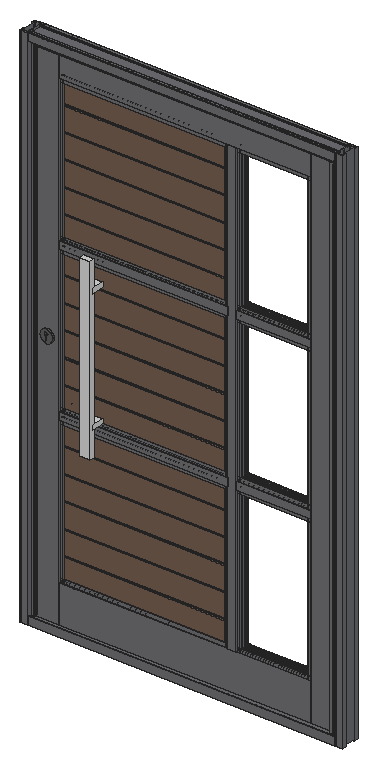
Revit family "Y1321P Y6 CH K RH", category Doors, host Wall, Revit 2024
Family settings
  Host = Wall
  OmniClass Number = 23.30.10.00
  OmniClass Title = Doors
  Always vertical = Yes
  Cut with Voids When Loaded = No
  Shared = No
  Room Calculation Point = No
Parameters
  Function = Interior
  Frame Projection Ext. = 25 mm
  Frame Projection Int. = 25 mm
  Frame Width = 75 mm
  Height = 2120 mm
  Wall Closure = By host
  Width = 1290 mm
  Analytic Construction = "<None>"
Reference planes
  plane 1: y = 0
  plane 2 "Center (Left/Right)": x = 0
  plane 3 "Left": x = -645
  plane 4 "Right": x = 645
  plane 5: z = 2120
  plane 6 "Exterior": y = 75
  plane 7 "Interior": y = -75
Forms (mm)
  Sweep 1, solid, material "ALUMINIUM CHAR (TEST)"
    path origin (0, 75, 0) x (1, 0, 0) y (0, 0, 1)
      loop
        line (-601.2, 30) -> (-601.2, 2075) -> (600, 2075) -> (600, 30)
    profile origin (-0.6, 75, 2075) x (0, 0, 1) y (0, -1, 0)
      loop
        line (15, 55) -> (2.8, 55) -> (2.8, 61.5) -> (0.5, 61.5) -> (0.5, 88.5) -> (2.8, 88.5) -> (2.8, 95) -> (15, 95) -> (15, 97) -> (-0.5, 97)
        arc (-0.5, 97) -> (-1.207, 96.707) -> (-1.5, 96) r 1
        line (-1.5, 96) -> (-1.5, 93.9) -> (-0.5, 93.9) -> (-0.5, 95) -> (1, 95) -> (1, 90.5) -> (-0.5, 90.5) -> (-0.5, 91.631) -> (-1.5, 91.631) -> (-1.5, 58.369) -> (-0.5, 58.369) -> (-0.5, 59.5) -> (1, 59.5) -> (1, 55) -> (-0.5, 55) -> (-0.5, 56.1) -> (-1.5, 56.1) -> (-1.5, 54)
        arc (-1.5, 54) -> (-1.207, 53.293) -> (-0.5, 53) r 1
        line (-0.5, 53) -> (15, 53) -> (15, 55)
  Extrusion 2, solid, material "ALUMINIUM CHAR (TEST)"
    sketch origin (0, 0, 0) x (0, 1, 0) y (0, 0, 1)
      loop
        line (37.5, 2120) -> (22, 2120) -> (22, 2118.5) -> (24.5, 2118.5) -> (24.5, 2115.5) -> (-24.5, 2115.5) -> (-24.5, 2118.5) -> (-22, 2118.5) -> (-22, 2120) -> (-37.5, 2120) -> (-37.5, 2090) -> (-4.189, 2090) -> (7.651, 2090) -> (37.5, 2090) -> (37.5, 2120)
      loop
        line (32.168, 2118.2) -> (30.896, 2116.928) -> (29.5, 2118.324) -> (28, 2116.824) -> (26.3, 2118.524) -> (26.3, 2115.8)
        arc (26.3, 2115.8) -> (25.685, 2114.315) -> (24.2, 2113.7) r 2.1
        line (24.2, 2113.7) -> (-24.2, 2113.7)
        arc (-24.2, 2113.7) -> (-25.685, 2114.315) -> (-26.3, 2115.8) r 2.1
        line (-26.3, 2115.8) -> (-26.3, 2118.524) -> (-28, 2116.824) -> (-29.5, 2118.324) -> (-30.896, 2116.928) -> (-32.168, 2118.2) -> (-35.6, 2118.2) -> (-35.6, 2091.8) -> (-32.168, 2091.8) -> (-30.896, 2093.072) -> (-29.5, 2091.676) -> (-28, 2093.176) -> (-26.624, 2091.8) -> (-19.438, 2091.8) -> (26.624, 2091.8) -> (28, 2093.176) -> (29.5, 2091.676) -> (30.896, 2093.072) -> (32.168, 2091.8) -> (35.6, 2091.8) -> (35.6, 2118.2) -> (32.168, 2118.2)
      loop
        line (37.5, 0) -> (37.5, 30) -> (7.651, 30) -> (-4.189, 30) -> (-37.5, 30) -> (-37.5, 0) -> (-22, 0) -> (-22, 1.5) -> (-24.5, 1.5) -> (-24.5, 4.5) -> (24.5, 4.5) -> (24.5, 1.5) -> (22, 1.5) -> (22, 0) -> (37.5, 0)
      loop
        line (32.168, 1.8) -> (35.6, 1.8) -> (35.6, 28.2) -> (32.168, 28.2) -> (30.896, 26.928) -> (29.5, 28.324) -> (28, 26.824) -> (26.624, 28.2) -> (-19.438, 28.2) -> (-26.624, 28.2) -> (-28, 26.824) -> (-29.5, 28.324) -> (-30.896, 26.928) -> (-32.168, 28.2) -> (-35.6, 28.2) -> (-35.6, 1.8) -> (-32.168, 1.8) -> (-30.896, 3.072) -> (-29.5, 1.676) -> (-28, 3.176) -> (-26.3, 1.476) -> (-26.3, 4.2)
        arc (-26.3, 4.2) -> (-25.685, 5.685) -> (-24.2, 6.3) r 2.1
        line (-24.2, 6.3) -> (24.2, 6.3)
        arc (24.2, 6.3) -> (25.685, 5.685) -> (26.3, 4.2) r 2.1
        line (26.3, 4.2) -> (26.3, 1.476) -> (28, 3.176) -> (29.5, 1.676) -> (30.896, 3.072) -> (32.168, 1.8)
    from -615 to 615
  Extrusion 3, solid, material "ALUMINIUM CHAR (TEST)"
    sketch origin (0, 0, 30) x (1, 0, 0) y (0, 1, 0)
      loop
        arc (598.5, 21) -> (597.5, 22) -> (596.5, 21) r 1
        line (596.5, 21) -> (596.5, -21.179)
        arc (596.5, -21.179) -> (596.26, -21.76) -> (595.679, -22) r 0.821
        line (595.679, -22) -> (584.5, -22)
        arc (584.5, -22) -> (583.5, -23) -> (584.5, -24) r 1
        line (584.5, -24) -> (597.679, -24)
        arc (597.679, -24) -> (598.26, -23.76) -> (598.5, -23.179) r 0.821
        line (598.5, -23.179) -> (598.5, 21)
      loop
        arc (-599.7, -21) -> (-598.7, -22) -> (-597.7, -21) r 1
        line (-597.7, -21) -> (-597.7, 21.179)
        arc (-597.7, 21.179) -> (-597.459, 21.76) -> (-596.879, 22) r 0.821
        line (-596.879, 22) -> (-585.7, 22)
        arc (-585.7, 22) -> (-584.7, 23) -> (-585.7, 24) r 1
        line (-585.7, 24) -> (-598.879, 24)
        arc (-598.879, 24) -> (-599.459, 23.76) -> (-599.7, 23.179) r 0.821
        line (-599.7, 23.179) -> (-599.7, -21)
    from 0 to 2043.5
  Extrusion 4, solid, material "ALUMINIUM CHAR (TEST)"
    sketch origin (0, 0, 0) x (1, 0, 0) y (0, 1, 0)
      loop
        line (-645, 37.5) -> (-645, 22) -> (-643.5, 22) -> (-643.5, 24.5) -> (-640.5, 24.5) -> (-640.5, -24.5) -> (-643.5, -24.5) -> (-643.5, -22) -> (-645, -22) -> (-645, -37.5) -> (-615, -37.5) -> (-615, -17) -> (-615.993, -17) -> (-616.394, -18.496) -> (-617.6, -18.496) -> (-617.6, -0.254) -> (-616.306, -0.254) -> (-616.066, -3) -> (-615, -3) -> (-615, 37.5) -> (-645, 37.5)
      loop
        line (-616.8, 26.624) -> (-618.176, 28) -> (-616.676, 29.5) -> (-618.072, 30.896) -> (-616.8, 32.168) -> (-616.8, 35.6) -> (-643.2, 35.6) -> (-643.2, 32.168) -> (-641.928, 30.896) -> (-643.324, 29.5) -> (-641.824, 28) -> (-643.524, 26.3) -> (-640.8, 26.3)
        arc (-640.8, 26.3) -> (-639.315, 25.685) -> (-638.7, 24.2) r 2.1
        line (-638.7, 24.2) -> (-638.7, -24.2)
        arc (-638.7, -24.2) -> (-639.315, -25.685) -> (-640.8, -26.3) r 2.1
        line (-640.8, -26.3) -> (-643.524, -26.3) -> (-641.824, -28) -> (-643.324, -29.5) -> (-641.928, -30.896) -> (-643.2, -32.168) -> (-643.2, -35.6) -> (-616.8, -35.6) -> (-616.8, -32.168) -> (-618.072, -30.896) -> (-616.676, -29.5) -> (-618.176, -28) -> (-616.8, -26.624) -> (-616.8, -20.239)
        arc (-616.8, -20.239) -> (-618.596, -19.852) -> (-619.4, -18.2) r 2.1
        line (-619.4, -18.2) -> (-619.4, -0.55)
        arc (-619.4, -0.55) -> (-618.596, 1.102) -> (-616.8, 1.49) r 2.1
        line (-616.8, 1.49) -> (-616.8, 26.624)
      loop
        line (645, 37.5) -> (615, 37.5) -> (615, -3) -> (616.066, -3) -> (616.306, -0.254) -> (617.6, -0.254) -> (617.6, -18.496) -> (616.394, -18.496) -> (615.993, -17) -> (615, -17) -> (615, -37.5) -> (645, -37.5) -> (645, -22) -> (643.5, -22) -> (643.5, -24.5) -> (640.5, -24.5) -> (640.5, 24.5) -> (643.5, 24.5) -> (643.5, 22) -> (645, 22) -> (645, 37.5)
      loop
        line (616.8, 26.624) -> (616.8, 1.49)
        arc (616.8, 1.49) -> (618.596, 1.102) -> (619.4, -0.55) r 2.1
        line (619.4, -0.55) -> (619.4, -18.2)
        arc (619.4, -18.2) -> (618.596, -19.852) -> (616.8, -20.239) r 2.1
        line (616.8, -20.239) -> (616.8, -26.624) -> (618.176, -28) -> (616.676, -29.5) -> (618.072, -30.896) -> (616.8, -32.168) -> (616.8, -35.6) -> (643.2, -35.6) -> (643.2, -32.168) -> (641.928, -30.896) -> (643.324, -29.5) -> (641.824, -28) -> (643.524, -26.3) -> (640.8, -26.3)
        arc (640.8, -26.3) -> (639.315, -25.685) -> (638.7, -24.2) r 2.1
        line (638.7, -24.2) -> (638.7, 24.2)
        arc (638.7, 24.2) -> (639.315, 25.685) -> (640.8, 26.3) r 2.1
        line (640.8, 26.3) -> (643.524, 26.3) -> (641.824, 28) -> (643.324, 29.5) -> (641.928, 30.896) -> (643.2, 32.168) -> (643.2, 35.6) -> (616.8, 35.6) -> (616.8, 32.168) -> (618.072, 30.896) -> (616.676, 29.5) -> (618.176, 28) -> (616.8, 26.624)
    from 0 to 2120
  Extrusion 5, solid, material "ALUMINIUM CHAR (TEST)"
    sketch origin (0, 0, -6.5) x (-1, 0, 0) y (0, -1, 0)
      loop
        line (503.5, -22) -> (591.7, -22)
        arc (591.7, -22) -> (592.973, -21.473) -> (593.5, -20.2) r 1.8
        line (593.5, -20.2) -> (593.5, -19.4)
        arc (593.5, -19.4) -> (593, -18.9) -> (592.5, -19.4) r 0.5
        line (592.5, -19.4) -> (592.5, -20.4) -> (591, -20.4) -> (591, -12.8) -> (592.5, -12.8) -> (592.5, -13.8)
        arc (592.5, -13.8) -> (593, -14.3) -> (593.5, -13.8) r 0.5
        line (593.5, -13.8) -> (593.5, 13.8)
        arc (593.5, 13.8) -> (593, 14.3) -> (592.5, 13.8) r 0.5
        line (592.5, 13.8) -> (592.5, 12.8) -> (591, 12.8) -> (591, 20.4) -> (592.5, 20.4) -> (592.5, 19.4)
        arc (592.5, 19.4) -> (593, 18.9) -> (593.5, 19.4) r 0.5
        line (593.5, 19.4) -> (593.5, 20.2)
        arc (593.5, 20.2) -> (592.973, 21.473) -> (591.7, 22) r 1.8
        line (591.7, 22) -> (503.5, 22) -> (503.5, 17) -> (488.5, 17) -> (488.5, 14) -> (489.7, 14) -> (489.7, 15.6) -> (492.2, 15.6) -> (492.893, 15.2) -> (503.5, 15.2) -> (503.5, 2) -> (504.475, 2) -> (504.737, 5) -> (506.1, 5) -> (506.1, -6.618) -> (506.1, -13.5) -> (504.606, -13.5) -> (504.475, -12) -> (503.5, -12) -> (503.5, -22)
      loop
        line (589.2, -20.2) -> (589.2, -12.2)
        arc (589.2, -12.2) -> (589.493, -11.493) -> (590.2, -11.2) r 1
        line (590.2, -11.2) -> (591.5, -11.2) -> (591.5, 11.2) -> (590.2, 11.2)
        arc (590.2, 11.2) -> (589.493, 11.493) -> (589.2, 12.2) r 1
        line (589.2, 12.2) -> (589.2, 20.2) -> (505.3, 20.2) -> (505.3, 17.092) -> (505.3, 6.8) -> (506.5, 6.8)
        arc (506.5, 6.8) -> (507.49, 6.39) -> (507.9, 5.4) r 1.4
        line (507.9, 5.4) -> (507.9, -13.9)
        arc (507.9, -13.9) -> (507.49, -14.89) -> (506.5, -15.3) r 1.4
        line (506.5, -15.3) -> (505.3, -15.3) -> (505.3, -20.2) -> (589.2, -20.2)
      loop
        line (-503.5, -22) -> (-503.5, -12) -> (-504.475, -12) -> (-504.606, -13.5) -> (-506.1, -13.5) -> (-506.1, -7.077) -> (-506.1, 5) -> (-504.737, 5) -> (-504.475, 2) -> (-503.5, 2) -> (-503.5, 15.2) -> (-492.893, 15.2) -> (-492.2, 15.6) -> (-489.7, 15.6) -> (-489.7, 14) -> (-488.5, 14) -> (-488.5, 17) -> (-503.5, 17) -> (-503.5, 22) -> (-591.7, 22)
        arc (-591.7, 22) -> (-592.973, 21.473) -> (-593.5, 20.2) r 1.8
        line (-593.5, 20.2) -> (-593.5, 19.4)
        arc (-593.5, 19.4) -> (-593, 18.9) -> (-592.5, 19.4) r 0.5
        line (-592.5, 19.4) -> (-592.5, 20.4) -> (-591, 20.4) -> (-591, 12.8) -> (-592.5, 12.8) -> (-592.5, 13.8)
        arc (-592.5, 13.8) -> (-593, 14.3) -> (-593.5, 13.8) r 0.5
        line (-593.5, 13.8) -> (-593.5, -13.8)
        arc (-593.5, -13.8) -> (-593, -14.3) -> (-592.5, -13.8) r 0.5
        line (-592.5, -13.8) -> (-592.5, -12.8) -> (-591, -12.8) -> (-591, -20.4) -> (-592.5, -20.4) -> (-592.5, -19.4)
        arc (-592.5, -19.4) -> (-593, -18.9) -> (-593.5, -19.4) r 0.5
        line (-593.5, -19.4) -> (-593.5, -20.2)
        arc (-593.5, -20.2) -> (-592.973, -21.473) -> (-591.7, -22) r 1.8
        line (-591.7, -22) -> (-503.5, -22)
      loop
        line (-589.2, -20.2) -> (-505.3, -20.2) -> (-505.3, -15.3) -> (-506.5, -15.3)
        arc (-506.5, -15.3) -> (-507.49, -14.89) -> (-507.9, -13.9) r 1.4
        line (-507.9, -13.9) -> (-507.9, 5.4)
        arc (-507.9, 5.4) -> (-507.49, 6.39) -> (-506.5, 6.8) r 1.4
        line (-506.5, 6.8) -> (-505.3, 6.8) -> (-505.3, 17.092) -> (-505.3, 20.2) -> (-589.2, 20.2) -> (-589.2, 12.2)
        arc (-589.2, 12.2) -> (-589.493, 11.493) -> (-590.2, 11.2) r 1
        line (-590.2, 11.2) -> (-591.5, 11.2) -> (-591.5, -11.2) -> (-590.2, -11.2)
        arc (-590.2, -11.2) -> (-589.493, -11.493) -> (-589.2, -12.2) r 1
        line (-589.2, -12.2) -> (-589.2, -20.2)
    from 40 to 2080
  Sweep 6, solid, material "ALUMINIUM CHAR (TEST)"
    path origin (0, 75, -6.5) x (-1, 0, 0) y (0, 0, -1)
      loop
        line (503.5, -1996.1) -> (503.5, -1413.6) -> (-173.5, -1413.6) -> (-173.5, -1996.1) -> (503.5, -1996.1)
    profile origin (-165, 75, 1989.6) x (0, 0, 1) y (0, -1, 0)
      loop
        line (0, 53.6) -> (0, 63) -> (1.1, 63)
        arc (1.1, 63) -> (1.85, 62.492) -> (2.6, 63) r 0.808
        line (2.6, 63) -> (2.6, 79)
        arc (2.6, 79) -> (2.1, 79.5) -> (1.6, 79) r 0.5
        line (1.6, 79) -> (1.6, 75.5) -> (0.6, 75.5) -> (0.6, 65) -> (-1.9, 65) -> (-1.9, 55) -> (-6.3, 55) -> (-6.9, 58) -> (-8.9, 58) -> (-8.9, 57) -> (-7.9, 57) -> (-7.5, 55) -> (-11.8, 55) -> (-11.4, 57) -> (-10.4, 57) -> (-10.4, 58) -> (-12.4, 58) -> (-13, 55) -> (-14.4, 55) -> (-14.4, 57.5)
        arc (-14.4, 57.5) -> (-14.9, 58) -> (-15.4, 57.5) r 0.5
        line (-15.4, 57.5) -> (-15.4, 53.6)
        arc (-15.4, 53.6) -> (-15.224, 53.176) -> (-14.8, 53) r 0.6
        line (-14.8, 53) -> (-0.6, 53)
        arc (-0.6, 53) -> (-0.176, 53.176) -> (0, 53.6) r 0.6
  Extrusion 7, solid, material "ALUMINIUM BLACK (TEST)"
    sketch origin (350.722, 27.873, -83.123) x (1, 0, 0) y (0, 0, 1)
      loop
        circle (-896.954, 1135.623) r 25
    from 0 to 5
  Extrusion 8, solid, material "ALUMINIUM BLACK (TEST)"
    sketch origin (350.722, -27.873, -83.123) x (1, 0, 0) y (0, 0, -1)
      loop
        circle (-896.954, -1135.623) r 25
    from 0 to 5
  Extrusion 9, void
    sketch origin (85.5, 67.873, -83.123) x (1, 0, 0) y (0, 0, 1)
      loop
        arc (-634.732, 1122.18) -> (-631.732, 1119.18) -> (-628.732, 1122.18) r 3
        line (-628.732, 1122.18) -> (-628.732, 1136.773)
        arc (-628.732, 1136.773) -> (-631.732, 1150.865) -> (-634.732, 1136.773) r 7.365
        line (-634.732, 1136.773) -> (-634.732, 1122.18)
    from 40 to 45
  Extrusion 10, void
    sketch origin (85.5, -67.873, -83.123) x (1, 0, 0) y (0, 0, -1)
      loop
        line (-634.732, -1122.18) -> (-634.732, -1136.773)
        arc (-634.732, -1136.773) -> (-631.732, -1150.865) -> (-628.732, -1136.773) r 7.365
        line (-628.732, -1136.773) -> (-628.732, -1122.18)
        arc (-628.732, -1122.18) -> (-631.732, -1119.18) -> (-634.732, -1122.18) r 3
    from 40 to 45
  Extrusion 11, solid, material "COOL BRONZE GLASS"
    sketch origin (0, 9.8, -6.5) x (-1, 0, 0) y (0, 0, -1)
      loop
        line (-203.5, -1995) -> (-203.5, -1413.6) -> (-503.5, -1413.6) -> (-503.5, -1995) -> (-203.5, -1995)
    from 0 to 6.4
  Extrusion 12, solid, material "ALUMINIUM CHAR (TEST)"
    sketch origin (0, 0, -6.5) x (0, 1, 0) y (0, 0, -1)
      loop
        line (20.25, -77.453) -> (19.7, -76.5) -> (19.7, -73.5) -> (20.25, -72.547) -> (20.25, -61.8) -> (-20.25, -61.8) -> (-20.25, -72.547) -> (-19.7, -73.5) -> (-19.7, -76.5) -> (-20.25, -77.453) -> (-20.25, -172.747) -> (-19.7, -173.7) -> (-19.7, -176.7) -> (-20.25, -177.653) -> (-20.25, -188.2) -> (-6.55, -188.2) -> (-6.55, -185.6) -> (15.3, -185.6) -> (15.3, -188.2) -> (20.25, -188.2) -> (20.25, -177.653) -> (19.7, -176.7) -> (19.7, -173.7) -> (20.25, -172.747) -> (20.25, -77.453)
      loop
        line (19.7, -60) -> (-19.7, -60) -> (-19.7, -57) -> (-20.25, -56.047) -> (-20.25, -43.6) -> (-17.1, -43.6) -> (-17.1, -42) -> (-20.2, -42) -> (-20.2, -40) -> (-22, -40) -> (-22, -190) -> (-17, -190) -> (-17, -205) -> (-14, -205) -> (-14, -203.8) -> (-15.6, -203.8) -> (-15.6, -201.3) -> (-15.2, -200.607) -> (-15.2, -190) -> (-2, -190) -> (-2, -188.934) -> (-4.75, -188.693) -> (-4.75, -187.4) -> (13.5, -187.4) -> (13.5, -188.605) -> (12, -189.007) -> (12, -190) -> (22, -190) -> (22, -40) -> (20.2, -40) -> (20.2, -42) -> (17.1, -42) -> (17.1, -43.6) -> (20.25, -43.6) -> (20.25, -56.047) -> (19.7, -57) -> (19.7, -60)
      loop
        line (-22, -2080) -> (-20.2, -2080) -> (-20.2, -2078) -> (-17.1, -2078) -> (-17.1, -2076.4) -> (-20.25, -2076.4) -> (-20.25, -2063.953) -> (-19.7, -2063) -> (-19.7, -2060) -> (19.7, -2060) -> (19.7, -2063) -> (20.25, -2063.953) -> (20.25, -2076.4) -> (17.1, -2076.4) -> (17.1, -2078) -> (20.2, -2078) -> (20.2, -2080) -> (22, -2080) -> (22, -1995) -> (12, -1995) -> (12, -1995.993) -> (13.5, -1996.395) -> (13.5, -1997.6) -> (-4.75, -1997.6) -> (-4.75, -1996.307) -> (-2, -1996.066) -> (-2, -1995) -> (-15.2, -1995) -> (-15.2, -1984.393) -> (-15.6, -1983.7) -> (-15.6, -1981.2) -> (-14, -1981.2) -> (-14, -1980) -> (-17, -1980) -> (-17, -1995) -> (-22, -1995) -> (-22, -2080)
      loop
        line (-20.25, -2042.547) -> (-19.7, -2043.5) -> (-19.7, -2046.5) -> (-20.25, -2047.453) -> (-20.25, -2058.2) -> (20.25, -2058.2) -> (20.25, -2047.453) -> (19.7, -2046.5) -> (19.7, -2043.5) -> (20.25, -2042.547) -> (20.25, -2012.253) -> (19.7, -2011.3) -> (19.7, -2008.3) -> (20.25, -2007.347) -> (20.25, -1996.8) -> (15.3, -1996.8) -> (15.3, -1999.4) -> (-6.55, -1999.4) -> (-6.55, -1996.8) -> (-20.25, -1996.8) -> (-20.25, -2007.347) -> (-19.7, -2008.3) -> (-19.7, -2011.3) -> (-20.25, -2012.253) -> (-20.25, -2042.547)
    from -503.5 to 503.5
  Extrusion 13, solid, material "Stainless Steel Lever Handle"
    sketch origin (503.242, -71.398, 705) x (1, 0, 0) y (0, 1, 0)
      loop
        line (-878.538, 126.398) -> (-838.538, 126.398) -> (-838.538, 146.398) -> (-878.538, 146.398) -> (-878.538, 126.398)
    from 0 to 710
  Extrusion 14, solid, material "Stainless Steel Lever Handle"
    sketch origin (503.242, 60, -375) x (1, 0, 0) y (0, 0, 1)
      loop
        line (-878.538, 1690) -> (-878.538, 1670) -> (-838.538, 1670) -> (-838.538, 1690) -> (-878.538, 1690)
      loop
        line (-878.538, 1180) -> (-838.538, 1180) -> (-838.538, 1200) -> (-878.538, 1200) -> (-878.538, 1180)
    from 0 to 50
  Extrusion 15, solid, material "Stainless Steel Lever Handle"
    sketch origin (503.242, 69.398, 705) x (1, 0, 0) y (0, 1, 0)
      loop
        line (-878.538, -126.398) -> (-878.538, -146.398) -> (-838.538, -146.398) -> (-838.538, -126.398) -> (-878.538, -126.398)
    from 0 to 710
  Extrusion 16, solid, material "Stainless Steel Lever Handle"
    sketch origin (503.242, -62, -375) x (1, 0, 0) y (0, 0, -1)
      loop
        line (-878.538, -1690) -> (-838.538, -1690) -> (-838.538, -1670) -> (-878.538, -1670) -> (-878.538, -1690)
      loop
        line (-878.538, -1180) -> (-878.538, -1200) -> (-838.538, -1200) -> (-838.538, -1180) -> (-878.538, -1180)
    from 0 to 50
  Extrusion 17, solid, material "ALUMINIUM CHAR (TEST)"
    sketch origin (-3062.501, 0, -4084.533) x (0, -1, 0) y (0, 0, 1)
      loop
        line (22, 5461.633) -> (22, 5491.633) -> (17, 5491.633) -> (17, 5506.633) -> (14, 5506.633) -> (14, 5505.433) -> (15.6, 5505.433) -> (15.6, 5502.933) -> (15.2, 5502.241) -> (15.2, 5491.633) -> (2, 5491.633) -> (2, 5490.658) -> (5, 5490.396) -> (5, 5489.033) -> (-13.5, 5489.033) -> (-13.5, 5490.527) -> (-12, 5490.658) -> (-12, 5491.633) -> (-22, 5491.633) -> (-22, 5461.633) -> (-12, 5461.633) -> (-12, 5462.608) -> (-13.5, 5462.739) -> (-13.5, 5464.233) -> (5, 5464.233) -> (5, 5462.871) -> (2, 5462.608) -> (2, 5461.633) -> (15.2, 5461.633) -> (15.2, 5450.733) -> (15.6, 5450.041) -> (15.6, 5447.833) -> (14, 5447.833) -> (14, 5446.633) -> (17, 5446.633) -> (17, 5461.633) -> (22, 5461.633)
      loop
        line (20.2, 5489.833) -> (6.8, 5489.833) -> (6.8, 5488.633)
        arc (6.8, 5488.633) -> (6.39, 5487.643) -> (5.4, 5487.233) r 1.4
        line (5.4, 5487.233) -> (-13.9, 5487.233)
        arc (-13.9, 5487.233) -> (-14.89, 5487.643) -> (-15.3, 5488.633) r 1.4
        line (-15.3, 5488.633) -> (-15.3, 5489.833) -> (-20.2, 5489.833) -> (-20.2, 5463.433) -> (-15.3, 5463.433) -> (-15.3, 5464.633)
        arc (-15.3, 5464.633) -> (-14.89, 5465.623) -> (-13.9, 5466.033) r 1.4
        line (-13.9, 5466.033) -> (5.4, 5466.033)
        arc (5.4, 5466.033) -> (6.39, 5465.623) -> (6.8, 5464.633) r 1.4
        line (6.8, 5464.633) -> (6.8, 5463.433) -> (16.581, 5463.433) -> (20.2, 5463.433) -> (20.2, 5489.833)
      loop
        line (22, 4849.433) -> (22, 4879.433) -> (17, 4879.433) -> (17, 4894.433) -> (14, 4894.433) -> (14, 4893.233) -> (15.6, 4893.233) -> (15.6, 4890.733) -> (15.2, 4890.041) -> (15.2, 4879.433) -> (2, 4879.433) -> (2, 4878.458) -> (5, 4878.196) -> (5, 4876.833) -> (-13.5, 4876.833) -> (-13.5, 4878.327) -> (-12, 4878.458) -> (-12, 4879.433) -> (-22, 4879.433) -> (-22, 4849.433) -> (-12, 4849.433) -> (-12, 4850.408) -> (-13.5, 4850.539) -> (-13.5, 4852.033) -> (5, 4852.033) -> (5, 4850.671) -> (2, 4850.408) -> (2, 4849.433) -> (15.2, 4849.433) -> (15.2, 4838.533) -> (15.6, 4837.841) -> (15.6, 4835.633) -> (14, 4835.633) -> (14, 4834.433) -> (17, 4834.433) -> (17, 4849.433) -> (22, 4849.433)
      loop
        line (20.2, 4877.633) -> (6.8, 4877.633) -> (6.8, 4876.433)
        arc (6.8, 4876.433) -> (6.39, 4875.443) -> (5.4, 4875.033) r 1.4
        line (5.4, 4875.033) -> (-13.9, 4875.033)
        arc (-13.9, 4875.033) -> (-14.89, 4875.443) -> (-15.3, 4876.433) r 1.4
        line (-15.3, 4876.433) -> (-15.3, 4877.633) -> (-20.2, 4877.633) -> (-20.2, 4851.233) -> (-15.3, 4851.233) -> (-15.3, 4852.433)
        arc (-15.3, 4852.433) -> (-14.89, 4853.423) -> (-13.9, 4853.833) r 1.4
        line (-13.9, 4853.833) -> (5.4, 4853.833)
        arc (5.4, 4853.833) -> (6.39, 4853.423) -> (6.8, 4852.433) r 1.4
        line (6.8, 4852.433) -> (6.8, 4851.233) -> (16.581, 4851.233) -> (20.2, 4851.233) -> (20.2, 4877.633)
    from -3566.001 to -3266.001
  Extrusion 18, solid, material "ALUMINIUM CHAR (TEST)"
    sketch origin (-3392.509, 0, -4084.533) x (0, -1, 0) y (0, 0, 1)
      loop
        line (22, 5461.633) -> (22, 5491.633) -> (17, 5491.633) -> (17, 5506.633) -> (14, 5506.633) -> (14, 5505.433) -> (15.6, 5505.433) -> (15.6, 5502.933) -> (15.2, 5502.241) -> (15.2, 5491.633) -> (2, 5491.633) -> (2, 5490.658) -> (5, 5490.396) -> (5, 5489.033) -> (-13.5, 5489.033) -> (-13.5, 5490.527) -> (-12, 5490.658) -> (-12, 5491.633) -> (-22, 5491.633) -> (-22, 5461.633) -> (-12, 5461.633) -> (-12, 5462.608) -> (-13.5, 5462.739) -> (-13.5, 5464.233) -> (5, 5464.233) -> (5, 5462.871) -> (2, 5462.608) -> (2, 5461.633) -> (15.2, 5461.633) -> (15.2, 5450.733) -> (15.6, 5450.041) -> (15.6, 5447.833) -> (14, 5447.833) -> (14, 5446.633) -> (17, 5446.633) -> (17, 5461.633) -> (22, 5461.633)
      loop
        line (20.2, 5489.833) -> (6.8, 5489.833) -> (6.8, 5488.633)
        arc (6.8, 5488.633) -> (6.39, 5487.643) -> (5.4, 5487.233) r 1.4
        line (5.4, 5487.233) -> (-13.9, 5487.233)
        arc (-13.9, 5487.233) -> (-14.89, 5487.643) -> (-15.3, 5488.633) r 1.4
        line (-15.3, 5488.633) -> (-15.3, 5489.833) -> (-20.2, 5489.833) -> (-20.2, 5463.433) -> (-15.3, 5463.433) -> (-15.3, 5464.633)
        arc (-15.3, 5464.633) -> (-14.89, 5465.623) -> (-13.9, 5466.033) r 1.4
        line (-13.9, 5466.033) -> (5.4, 5466.033)
        arc (5.4, 5466.033) -> (6.39, 5465.623) -> (6.8, 5464.633) r 1.4
        line (6.8, 5464.633) -> (6.8, 5463.433) -> (16.581, 5463.433) -> (20.2, 5463.433) -> (20.2, 5489.833)
      loop
        line (22, 4849.433) -> (22, 4879.433) -> (17, 4879.433) -> (17, 4894.433) -> (14, 4894.433) -> (14, 4893.233) -> (15.6, 4893.233) -> (15.6, 4890.733) -> (15.2, 4890.041) -> (15.2, 4879.433) -> (2, 4879.433) -> (2, 4878.458) -> (5, 4878.196) -> (5, 4876.833) -> (-13.5, 4876.833) -> (-13.5, 4878.327) -> (-12, 4878.458) -> (-12, 4879.433) -> (-22, 4879.433) -> (-22, 4849.433) -> (-12, 4849.433) -> (-12, 4850.408) -> (-13.5, 4850.539) -> (-13.5, 4852.033) -> (5, 4852.033) -> (5, 4850.671) -> (2, 4850.408) -> (2, 4849.433) -> (15.2, 4849.433) -> (15.2, 4838.533) -> (15.6, 4837.841) -> (15.6, 4835.633) -> (14, 4835.633) -> (14, 4834.433) -> (17, 4834.433) -> (17, 4849.433) -> (22, 4849.433)
      loop
        line (20.2, 4877.633) -> (6.8, 4877.633) -> (6.8, 4876.433)
        arc (6.8, 4876.433) -> (6.39, 4875.443) -> (5.4, 4875.033) r 1.4
        line (5.4, 4875.033) -> (-13.9, 4875.033)
        arc (-13.9, 4875.033) -> (-14.89, 4875.443) -> (-15.3, 4876.433) r 1.4
        line (-15.3, 4876.433) -> (-15.3, 4877.633) -> (-20.2, 4877.633) -> (-20.2, 4851.233) -> (-15.3, 4851.233) -> (-15.3, 4852.433)
        arc (-15.3, 4852.433) -> (-14.89, 4853.423) -> (-13.9, 4853.833) r 1.4
        line (-13.9, 4853.833) -> (5.4, 4853.833)
        arc (5.4, 4853.833) -> (6.39, 4853.423) -> (6.8, 4852.433) r 1.4
        line (6.8, 4852.433) -> (6.8, 4851.233) -> (16.581, 4851.233) -> (20.2, 4851.233) -> (20.2, 4877.633)
    from -3566.001 to -2889.009
  Extrusion 19, solid, material "ALUMINIUM CHAR (TEST)"
    sketch origin (-4903.533, 0, 3177.001) x (0, -1, 0) y (1, 0, 0)
      loop
        line (22, 5077.033) -> (22, 5107.033) -> (17, 5107.033) -> (17, 5122.033) -> (14, 5122.033) -> (14, 5120.833) -> (15.6, 5120.833) -> (15.6, 5118.333) -> (15.2, 5117.641) -> (15.2, 5107.033) -> (2, 5107.033) -> (2, 5106.058) -> (5, 5105.796) -> (5, 5104.433) -> (-13.5, 5104.433) -> (-13.5, 5105.927) -> (-12, 5106.058) -> (-12, 5107.033) -> (-22, 5107.033) -> (-22, 5077.033) -> (-12, 5077.033) -> (-12, 5078.008) -> (-13.5, 5078.139) -> (-13.5, 5079.633) -> (5, 5079.633) -> (5, 5078.271) -> (2, 5078.008) -> (2, 5077.033) -> (15.2, 5077.033) -> (15.2, 5066.133) -> (15.6, 5065.441) -> (15.6, 5063.233) -> (14, 5063.233) -> (14, 5062.033) -> (17, 5062.033) -> (17, 5077.033) -> (22, 5077.033)
      loop
        line (20.2, 5105.233) -> (6.8, 5105.233) -> (6.8, 5104.033)
        arc (6.8, 5104.033) -> (6.39, 5103.043) -> (5.4, 5102.633) r 1.4
        line (5.4, 5102.633) -> (-13.9, 5102.633)
        arc (-13.9, 5102.633) -> (-14.89, 5103.043) -> (-15.3, 5104.033) r 1.4
        line (-15.3, 5104.033) -> (-15.3, 5105.233) -> (-20.2, 5105.233) -> (-20.2, 5078.833) -> (-15.3, 5078.833) -> (-15.3, 5080.033)
        arc (-15.3, 5080.033) -> (-14.89, 5081.023) -> (-13.9, 5081.433) r 1.4
        line (-13.9, 5081.433) -> (5.4, 5081.433)
        arc (5.4, 5081.433) -> (6.39, 5081.023) -> (6.8, 5080.033) r 1.4
        line (6.8, 5080.033) -> (6.8, 5078.833) -> (16.581, 5078.833) -> (20.2, 5078.833) -> (20.2, 5105.233)
    from -2993.501 to -1188.501
  Extrusion 20, solid, material "COOL BRONZE GLASS"
    sketch origin (0, 9.8, -617.9) x (-1, 0, 0) y (0, 0, -1)
      loop
        line (-203.5, -1995) -> (-203.5, -1413.6) -> (-503.5, -1413.6) -> (-503.5, -1995) -> (-203.5, -1995)
    from 0 to 6.4
  Extrusion 21, solid, material "COOL BRONZE GLASS"
    sketch origin (0, 9.8, -1230.1) x (-1, 0, 0) y (0, 0, -1)
      loop
        line (-203.5, -1995) -> (-203.5, -1413.6) -> (-503.5, -1413.6) -> (-503.5, -1995) -> (-203.5, -1995)
    from 0 to 6.4
  Extrusion 22, solid, material "KIAAT (TEST 1)"
    sketch origin (0, 114.915, 1217.1) x (0, 1, 0) y (0, 0, -1)
      loop
        line (-104.915, -280.4) -> (-104.915, -190) -> (-126.915, -190) -> (-126.915, -280.4) -> (-119.415, -280.4) -> (-119.415, -288.4) -> (-126.915, -288.4) -> (-126.915, -378.6) -> (-119.415, -378.6) -> (-119.415, -386.6) -> (-126.915, -386.6) -> (-126.915, -476.8) -> (-119.415, -476.8) -> (-119.415, -484.8) -> (-126.915, -484.8) -> (-126.915, -575) -> (-119.415, -575) -> (-119.415, -583) -> (-126.915, -583) -> (-126.915, -673.2) -> (-119.415, -673.2) -> (-119.415, -681.2) -> (-126.915, -681.2) -> (-126.915, -771.4) -> (-104.915, -771.4) -> (-104.915, -681.2) -> (-112.415, -681.2) -> (-112.415, -673.2) -> (-104.915, -673.2) -> (-104.915, -583) -> (-112.415, -583) -> (-112.415, -575) -> (-104.915, -575) -> (-104.915, -484.8) -> (-112.415, -484.8) -> (-112.415, -476.8) -> (-104.915, -476.8) -> (-104.915, -386.6) -> (-112.415, -386.6) -> (-112.415, -378.6) -> (-104.915, -378.6) -> (-104.915, -288.4) -> (-112.415, -288.4) -> (-112.415, -280.4) -> (-104.915, -280.4)
    from -173.5 to 503.5
  Extrusion 23, solid, material "KIAAT (TEST 1)"
    sketch origin (0, 114.915, 605.7) x (0, 1, 0) y (0, 0, -1)
      loop
        line (-104.915, -280.4) -> (-104.915, -190) -> (-126.915, -190) -> (-126.915, -280.4) -> (-119.415, -280.4) -> (-119.415, -288.4) -> (-126.915, -288.4) -> (-126.915, -378.6) -> (-119.415, -378.6) -> (-119.415, -386.6) -> (-126.915, -386.6) -> (-126.915, -476.8) -> (-119.415, -476.8) -> (-119.415, -484.8) -> (-126.915, -484.8) -> (-126.915, -575) -> (-119.415, -575) -> (-119.415, -583) -> (-126.915, -583) -> (-126.915, -673.2) -> (-119.415, -673.2) -> (-119.415, -681.2) -> (-126.915, -681.2) -> (-126.915, -771.4) -> (-104.915, -771.4) -> (-104.915, -681.2) -> (-112.415, -681.2) -> (-112.415, -673.2) -> (-104.915, -673.2) -> (-104.915, -583) -> (-112.415, -583) -> (-112.415, -575) -> (-104.915, -575) -> (-104.915, -484.8) -> (-112.415, -484.8) -> (-112.415, -476.8) -> (-104.915, -476.8) -> (-104.915, -386.6) -> (-112.415, -386.6) -> (-112.415, -378.6) -> (-104.915, -378.6) -> (-104.915, -288.4) -> (-112.415, -288.4) -> (-112.415, -280.4) -> (-104.915, -280.4)
    from -173.5 to 503.5
  Extrusion 24, solid, material "KIAAT (TEST 1)"
    sketch origin (0, 114.915, -6.5) x (0, 1, 0) y (0, 0, -1)
      loop
        line (-104.915, -280.4) -> (-104.915, -190) -> (-126.915, -190) -> (-126.915, -280.4) -> (-119.415, -280.4) -> (-119.415, -288.4) -> (-126.915, -288.4) -> (-126.915, -378.6) -> (-119.415, -378.6) -> (-119.415, -386.6) -> (-126.915, -386.6) -> (-126.915, -476.8) -> (-119.415, -476.8) -> (-119.415, -484.8) -> (-126.915, -484.8) -> (-126.915, -575) -> (-119.415, -575) -> (-119.415, -583) -> (-126.915, -583) -> (-126.915, -673.2) -> (-119.415, -673.2) -> (-119.415, -681.2) -> (-126.915, -681.2) -> (-126.915, -771.4) -> (-104.915, -771.4) -> (-104.915, -681.2) -> (-112.415, -681.2) -> (-112.415, -673.2) -> (-104.915, -673.2) -> (-104.915, -583) -> (-112.415, -583) -> (-112.415, -575) -> (-104.915, -575) -> (-104.915, -484.8) -> (-112.415, -484.8) -> (-112.415, -476.8) -> (-104.915, -476.8) -> (-104.915, -386.6) -> (-112.415, -386.6) -> (-112.415, -378.6) -> (-104.915, -378.6) -> (-104.915, -288.4) -> (-112.415, -288.4) -> (-112.415, -280.4) -> (-104.915, -280.4)
    from -173.5 to 503.5
  Sweep 25, solid, material "ALUMINIUM CHAR (TEST)"
    path origin (0, 75, -617.9) x (-1, 0, 0) y (0, 0, -1)
      loop
        line (503.5, -1995) -> (503.5, -1412.8) -> (-173.5, -1412.8) -> (-173.5, -1995) -> (503.5, -1995)
    profile origin (-165, 75, 1377.1) x (0, 0, 1) y (0, -1, 0)
      loop
        line (0, 53.6) -> (0, 63) -> (1.1, 63)
        arc (1.1, 63) -> (1.85, 62.492) -> (2.6, 63) r 0.808
        line (2.6, 63) -> (2.6, 79)
        arc (2.6, 79) -> (2.1, 79.5) -> (1.6, 79) r 0.5
        line (1.6, 79) -> (1.6, 75.5) -> (0.6, 75.5) -> (0.6, 65) -> (-1.9, 65) -> (-1.9, 55) -> (-6.3, 55) -> (-6.9, 58) -> (-8.9, 58) -> (-8.9, 57) -> (-7.9, 57) -> (-7.5, 55) -> (-11.8, 55) -> (-11.4, 57) -> (-10.4, 57) -> (-10.4, 58) -> (-12.4, 58) -> (-13, 55) -> (-14.4, 55) -> (-14.4, 57.5)
        arc (-14.4, 57.5) -> (-14.9, 58) -> (-15.4, 57.5) r 0.5
        line (-15.4, 57.5) -> (-15.4, 53.6)
        arc (-15.4, 53.6) -> (-15.224, 53.176) -> (-14.8, 53) r 0.6
        line (-14.8, 53) -> (-0.6, 53)
        arc (-0.6, 53) -> (-0.176, 53.176) -> (0, 53.6) r 0.6
  Sweep 26, solid, material "ALUMINIUM CHAR (TEST)"
    path origin (0, 75, -1230.1) x (-1, 0, 0) y (0, 0, -1)
      loop
        line (503.5, -1995) -> (503.5, -1413.6) -> (-173.5, -1413.6) -> (-173.5, -1995) -> (503.5, -1995)
    profile origin (-165, 75, 764.9) x (0, 0, 1) y (0, -1, 0)
      loop
        line (0, 53.6) -> (0, 63) -> (1.1, 63)
        arc (1.1, 63) -> (1.85, 62.492) -> (2.6, 63) r 0.808
        line (2.6, 63) -> (2.6, 79)
        arc (2.6, 79) -> (2.1, 79.5) -> (1.6, 79) r 0.5
        line (1.6, 79) -> (1.6, 75.5) -> (0.6, 75.5) -> (0.6, 65) -> (-1.9, 65) -> (-1.9, 55) -> (-6.3, 55) -> (-6.9, 58) -> (-8.9, 58) -> (-8.9, 57) -> (-7.9, 57) -> (-7.5, 55) -> (-11.8, 55) -> (-11.4, 57) -> (-10.4, 57) -> (-10.4, 58) -> (-12.4, 58) -> (-13, 55) -> (-14.4, 55) -> (-14.4, 57.5)
        arc (-14.4, 57.5) -> (-14.9, 58) -> (-15.4, 57.5) r 0.5
        line (-15.4, 57.5) -> (-15.4, 53.6)
        arc (-15.4, 53.6) -> (-15.224, 53.176) -> (-14.8, 53) r 0.6
        line (-14.8, 53) -> (-0.6, 53)
        arc (-0.6, 53) -> (-0.176, 53.176) -> (0, 53.6) r 0.6
  Sweep 27, solid, material "ALUMINIUM CHAR (TEST)"
    path origin (330, 75, -6.5) x (-1, 0, 0) y (0, 0, -1)
      loop
        line (126.5, -1996.1) -> (126.5, -1413.6) -> (-173.5, -1413.6) -> (-173.5, -1996.1) -> (126.5, -1996.1)
    profile origin (353.5, 75, 1989.6) x (0, 0, 1) y (0, -1, 0)
      loop
        line (0, 53.6) -> (0, 63) -> (1.1, 63)
        arc (1.1, 63) -> (1.85, 62.492) -> (2.6, 63) r 0.808
        line (2.6, 63) -> (2.6, 79)
        arc (2.6, 79) -> (2.1, 79.5) -> (1.6, 79) r 0.5
        line (1.6, 79) -> (1.6, 75.5) -> (0.6, 75.5) -> (0.6, 65) -> (-1.9, 65) -> (-1.9, 55) -> (-6.3, 55) -> (-6.9, 58) -> (-8.9, 58) -> (-8.9, 57) -> (-7.9, 57) -> (-7.5, 55) -> (-11.8, 55) -> (-11.4, 57) -> (-10.4, 57) -> (-10.4, 58) -> (-12.4, 58) -> (-13, 55) -> (-14.4, 55) -> (-14.4, 57.5)
        arc (-14.4, 57.5) -> (-14.9, 58) -> (-15.4, 57.5) r 0.5
        line (-15.4, 57.5) -> (-15.4, 53.6)
        arc (-15.4, 53.6) -> (-15.224, 53.176) -> (-14.8, 53) r 0.6
        line (-14.8, 53) -> (-0.6, 53)
        arc (-0.6, 53) -> (-0.176, 53.176) -> (0, 53.6) r 0.6
  Sweep 28, solid, material "ALUMINIUM CHAR (TEST)"
    path origin (330, 75, -617.9) x (-1, 0, 0) y (0, 0, -1)
      loop
        line (126.5, -1995) -> (126.5, -1412.8) -> (-173.5, -1412.8) -> (-173.5, -1995) -> (126.5, -1995)
    profile origin (353.5, 75, 1377.1) x (0, 0, 1) y (0, -1, 0)
      loop
        line (0, 53.6) -> (0, 63) -> (1.1, 63)
        arc (1.1, 63) -> (1.85, 62.492) -> (2.6, 63) r 0.808
        line (2.6, 63) -> (2.6, 79)
        arc (2.6, 79) -> (2.1, 79.5) -> (1.6, 79) r 0.5
        line (1.6, 79) -> (1.6, 75.5) -> (0.6, 75.5) -> (0.6, 65) -> (-1.9, 65) -> (-1.9, 55) -> (-6.3, 55) -> (-6.9, 58) -> (-8.9, 58) -> (-8.9, 57) -> (-7.9, 57) -> (-7.5, 55) -> (-11.8, 55) -> (-11.4, 57) -> (-10.4, 57) -> (-10.4, 58) -> (-12.4, 58) -> (-13, 55) -> (-14.4, 55) -> (-14.4, 57.5)
        arc (-14.4, 57.5) -> (-14.9, 58) -> (-15.4, 57.5) r 0.5
        line (-15.4, 57.5) -> (-15.4, 53.6)
        arc (-15.4, 53.6) -> (-15.224, 53.176) -> (-14.8, 53) r 0.6
        line (-14.8, 53) -> (-0.6, 53)
        arc (-0.6, 53) -> (-0.176, 53.176) -> (0, 53.6) r 0.6
  Sweep 29, solid, material "ALUMINIUM CHAR (TEST)"
    path origin (330, 75, -1230.1) x (-1, 0, 0) y (0, 0, -1)
      loop
        line (126.5, -1995) -> (126.5, -1413.079) -> (-173.5, -1413.079) -> (-173.5, -1995) -> (126.5, -1995)
    profile origin (353.5, 75, 764.9) x (0, 0, 1) y (0, -1, 0)
      loop
        line (0, 53.6) -> (0, 63) -> (1.1, 63)
        arc (1.1, 63) -> (1.85, 62.492) -> (2.6, 63) r 0.808
        line (2.6, 63) -> (2.6, 79)
        arc (2.6, 79) -> (2.1, 79.5) -> (1.6, 79) r 0.5
        line (1.6, 79) -> (1.6, 75.5) -> (0.6, 75.5) -> (0.6, 65) -> (-1.9, 65) -> (-1.9, 55) -> (-6.3, 55) -> (-6.9, 58) -> (-8.9, 58) -> (-8.9, 57) -> (-7.9, 57) -> (-7.5, 55) -> (-11.8, 55) -> (-11.4, 57) -> (-10.4, 57) -> (-10.4, 58) -> (-12.4, 58) -> (-13, 55) -> (-14.4, 55) -> (-14.4, 57.5)
        arc (-14.4, 57.5) -> (-14.9, 58) -> (-15.4, 57.5) r 0.5
        line (-15.4, 57.5) -> (-15.4, 53.6)
        arc (-15.4, 53.6) -> (-15.224, 53.176) -> (-14.8, 53) r 0.6
        line (-14.8, 53) -> (-0.6, 53)
        arc (-0.6, 53) -> (-0.176, 53.176) -> (0, 53.6) r 0.6
Cuts and joins
  Extrusion 9 cuts Extrusion 7
  Extrusion 10 cuts Extrusion 8
Lines and regions (mm)
  Opening 1
    outline origin (-5000, -75, 0) x (1, 0, 0) y (0, 0, 1)
      loop
        line (4355, 0) -> (5645, 0) -> (5645, 2120) -> (4355, 2120) -> (4355, 0)
  model lines
    curve 1: line (-602.851, 22.5, 0) -> (602.851, 22.5, 0)
    curve 2: line (-603, -13, 0) -> (603, -13, 0)
    curve 8: line (300, -22.5, 0) -> (300, -925.5, 0)
    curve 9: arc (-603, -22.5, 0) -> (-338.517, -661.017, 0) -> (300, -925.5, 0) r 903
    curve 10: line (300, 13, 0) -> (300, 316, 0)
    curve 11: arc (300, 316, 0) -> (514.253, 227.253, 0) -> (603, 13, 0) r 303
    curve 12: line (603, 22.5, 0) -> (-603, 22.5, 0)
    curve 13: line (300, 0, 0) -> (300, 0, 2078)
  symbolic lines, style "Elevation Swing"
    curve 3: line (-645, -75, 1060) -> (300, -75, 2078)
    curve 4: line (-645, -75, 1060) -> (300, -75, 0)
    curve 5: line (598.5, -75, 1060.342) -> (300, -75, 2078)
    curve 6: line (598.5, -75, 1060.342) -> (300, -75, 0)
  model lines, style "Elevation Swing"
    curve 7: line (300, 0, 0) -> (300, 0, 2078)
Text (mm)
  text "Exterior" at (-2295.016, 1099.543, 0), in view "Ref. Level"
  text "Exterior" at (0, 1615.38, 3698.081), in view "Left"
  text "Exterior" at (0, 1036.032, 3874.932), in view "Right"
Dimensions and locks
  equal spacing: plane 3 "Left", plane 2 "Center (Left/Right)", plane 4 "Right"
  "Width": plane 3 "Left" to plane 4 "Right"
  "Height": plane 5 to host wall
  host wall to plane 5 = 2120 mm  (x2)
  locked: plane 6 "Exterior" to host wall
  locked: plane 7 "Interior" to host wall
  plane 3 "Left" to plane 4 "Right" = 1290 mm  (x2)
  aligned and locked: plane 1 to host wall
  aligned and locked: Opening 1 sketch curve to level
Automatic sketch dimensions
  curve 13 to level = 0 mm
  curve 7 to level = 0 mm
  plane 5 to curve 13 = 42 mm
  curve 7 to curve 13 = 0 mm  (x2)
  plane 2 "Center (Left/Right)" to curve 13 = 300 mm
  plane 3 "Left" to curve 4 = 0 mm
  curve 4 to level = 0 mm
  plane 2 "Center (Left/Right)" to curve 4 = 300 mm
  plane 5 to curve 5 = 42 mm
  plane 2 "Center (Left/Right)" to curve 5 = 300 mm
  plane 4 "Right" to curve 6 = 46.5 mm
  level to curve 4 = 1060 mm
  plane 5 to curve 6 = 1059.658 mm
  plane 2 "Center (Left/Right)" to curve 8 = 300 mm
  curve 11 to host wall = 13 mm
  curve 11 to curve 8 = 0 mm
  host wall to curve 9 = 22.5 mm
  host wall to curve 8 = 850.5 mm
  host wall to curve 10 = 241 mm
  curve 1 to plane 3 "Left" = 42.149 mm
  curve 2 to curve 9 = 0 mm
  curve 1 to curve 11 = 0.149 mm
  host wall to curve 2 = 13 mm
  curve 2 to curve 11 = 0 mm
  curve 8 to curve 9 = 0 mm
  curve 10 to curve 11 = 0 mm
  plane 3 "Left" to Opening 1 sketch curve = 0 mm
  plane 4 "Right" to Opening 1 sketch curve = 0 mm
  Opening 1 sketch curve to plane 5 = 0 mm
  Sweep 1 sketch curve to plane 3 "Left" = 43.8 mm
  plane 4 "Right" to Sweep 1 sketch curve = 45 mm
  plane 5 to Sweep 1 sketch curve = 45 mm
  level to Sweep 1 sketch curve = 30 mm  (x2)
  profile plane to Sweep 1 sketch curve = 1.5 mm  (x3)
  profile plane to Sweep 1 sketch curve = 0.5 mm  (x6)
  Sweep 1 sketch curve to profile plane = 0.5 mm
  Sweep 1 sketch curve to profile plane = 1 mm  (x2)
  Sweep 1 sketch curve to Sweep 1 sketch curve = 1.8 mm
  Sweep 1 sketch curve to Sweep 1 sketch curve = 2.3 mm
  Sweep 1 sketch curve to Sweep 1 sketch curve = 12.2 mm  (x2)
  profile plane to Sweep 1 sketch curve = 53 mm
  Sweep 1 sketch curve to Sweep 1 sketch curve = 1 mm  (x3)
  Sweep 1 sketch curve to Sweep 1 sketch curve = 1.1 mm  (x2)
  Sweep 1 sketch curve to Sweep 1 sketch curve = 2.269 mm  (x2)
  Sweep 1 sketch curve to Sweep 1 sketch curve = 1.131 mm  (x2)
  Sweep 1 sketch curve to Sweep 1 sketch curve = 2 mm  (x2)
  Sweep 1 sketch curve to Sweep 1 sketch curve = 27 mm
  Sweep 1 sketch curve to Sweep 1 sketch curve = 6.5 mm
  Extrusion 2 sketch curve to level = 0 mm  (x2)
  plane 5 to Extrusion 2 sketch curve = 0 mm  (x2)
  host wall to Extrusion 2 sketch curve = 37.5 mm  (x2)
  Extrusion 2 sketch curve to Extrusion 2 sketch curve = 1.9 mm  (x4)
  Extrusion 2 sketch curve to Extrusion 2 sketch curve = 3.432 mm  (x6)
  plane 5 to Extrusion 2 sketch curve = 3.072 mm  (x2)
  Extrusion 2 sketch curve to Extrusion 2 sketch curve = 1.272 mm  (x12)
  level to Extrusion 2 sketch curve = 3.072 mm  (x2)
  Extrusion 2 sketch curve to Extrusion 2 sketch curve = 1.396 mm  (x8)
  plane 5 to Extrusion 2 sketch curve = 1.676 mm  (x2)
  level to Extrusion 2 sketch curve = 1.676 mm  (x2)
  plane 5 to Extrusion 2 sketch curve = 3.176 mm  (x2)
  Extrusion 2 sketch curve to Extrusion 2 sketch curve = 1.5 mm  (x6)
  level to Extrusion 2 sketch curve = 3.176 mm  (x2)
  Extrusion 2 sketch curve to Extrusion 2 sketch curve = 1.376 mm  (x4)
  Extrusion 2 sketch curve to Extrusion 2 sketch curve = 1.7 mm  (x4)
  Extrusion 2 sketch curve to Extrusion 2 sketch curve = 1.8 mm  (x5)
  Extrusion 2 sketch curve to Extrusion 2 sketch curve = 0.3 mm  (x6)
  Extrusion 2 sketch curve to Extrusion 2 sketch curve = 2.5 mm  (x2)
  Extrusion 2 sketch curve to Extrusion 2 sketch curve = 7.186 mm  (x2)
  host wall to Extrusion 2 sketch curve = 4.189 mm  (x2)
  Extrusion 2 sketch curve to host wall = 7.651 mm  (x2)
  level to Extrusion 2 sketch curve = 1.5 mm  (x2)
  Extrusion 2 sketch curve to host wall = 22 mm  (x2)
  Extrusion 2 sketch curve to Extrusion 2 sketch curve = 2.2 mm  (x2)
  plane 5 to Extrusion 2 sketch curve = 1.476 mm
  level to Extrusion 2 sketch curve = 1.476 mm
  Extrusion 2 sketch curve to Extrusion 2 sketch curve = 18.973 mm  (x2)
  Extrusion 2 sketch curve to Extrusion 2 sketch curve = 1.024 mm
  Extrusion 2 sketch curve to Extrusion 2 sketch curve = 20.524 mm  (x2)
  Extrusion 2 sketch curve to Extrusion 2 sketch curve = 0.104 mm  (x2)
  Extrusion 2 sketch curve to Extrusion 2 sketch curve = 26.928 mm
  Extrusion 2 sketch curve to Extrusion 2 sketch curve = 1.676 mm  (x2)
  Extrusion 2 sketch curve to Extrusion 2 sketch curve = 0.124 mm  (x2)
  Extrusion 2 sketch curve to Extrusion 2 sketch curve = 3.124 mm
  plane 5 to Extrusion 2 sketch curve = 1.5 mm  (x2)
  Extrusion 3 sketch curve to plane 3 "Left" = 45.3 mm
  Extrusion 3 sketch curve to Extrusion 3 sketch curve = 0.821 mm  (x4)
  Extrusion 3 sketch curve to Extrusion 3 sketch curve = 1 mm  (x4)
  Extrusion 3 sketch curve to Extrusion 3 sketch curve = 11.179 mm  (x2)
  host wall to Extrusion 3 sketch curve = 24 mm
  plane 4 "Right" to Extrusion 3 sketch curve = 60.5 mm
  host wall to Extrusion 3 sketch curve = 21 mm
  Extrusion 3 sketch curve to host wall = 21 mm
  Extrusion 3 sketch curve to host wall = 21.179 mm
  Extrusion 4 sketch curve to plane 3 "Left" = 0 mm  (x2)
  Extrusion 4 sketch curve to plane 4 "Right" = 0 mm  (x2)
  Extrusion 4 sketch curve to plane 3 "Left" = 1.476 mm  (x2)
  Extrusion 4 sketch curve to plane 3 "Left" = 1.5 mm  (x2)
  Extrusion 4 sketch curve to plane 3 "Left" = 1.676 mm  (x2)
  Extrusion 4 sketch curve to plane 3 "Left" = 1.8 mm  (x2)
  Extrusion 4 sketch curve to Extrusion 4 sketch curve = 1.272 mm  (x12)
  Extrusion 4 sketch curve to Extrusion 4 sketch curve = 1.5 mm  (x4)
  Extrusion 4 sketch curve to Extrusion 4 sketch curve = 1.024 mm  (x4)
  Extrusion 4 sketch curve to Extrusion 4 sketch curve = 0.3 mm  (x8)
  Extrusion 4 sketch curve to Extrusion 4 sketch curve = 1.8 mm  (x8)
  host wall to Extrusion 4 sketch curve = 0.55 mm  (x2)
  Extrusion 4 sketch curve to plane 3 "Left" = 25.6 mm
  Extrusion 4 sketch curve to Extrusion 4 sketch curve = 20.524 mm
  Extrusion 4 sketch curve to Extrusion 4 sketch curve = 1.224 mm
  Extrusion 4 sketch curve to Extrusion 4 sketch curve = 0.104 mm  (x4)
  Extrusion 4 sketch curve to Extrusion 4 sketch curve = 1.376 mm  (x8)
  Extrusion 4 sketch curve to Extrusion 4 sketch curve = 1.396 mm  (x6)
  Extrusion 4 sketch curve to Extrusion 4 sketch curve = 0.906 mm  (x2)
  host wall to Extrusion 4 sketch curve = 0.254 mm  (x2)
  Extrusion 4 sketch curve to Extrusion 4 sketch curve = 0.994 mm  (x2)
  Extrusion 4 sketch curve to Extrusion 4 sketch curve = 1.234 mm
  Extrusion 4 sketch curve to Extrusion 4 sketch curve = 0.401 mm  (x2)
  plane 4 "Right" to Extrusion 4 sketch curve = 30 mm
  Extrusion 4 sketch curve to Extrusion 4 sketch curve = 0 mm
  Extrusion 4 sketch curve to Extrusion 4 sketch curve = 0.993 mm
  Extrusion 4 sketch curve to Extrusion 4 sketch curve = 1.066 mm
  Extrusion 4 sketch curve to Extrusion 4 sketch curve = 0.24 mm
  Extrusion 4 sketch curve to Extrusion 4 sketch curve = 1.676 mm  (x2)
  Extrusion 4 sketch curve to Extrusion 4 sketch curve = 0.124 mm  (x4)
  plane 4 "Right" to Extrusion 4 sketch curve = 6.3 mm
  plane 4 "Right" to Extrusion 4 sketch curve = 1.676 mm  (x2)
  plane 4 "Right" to Extrusion 4 sketch curve = 1.5 mm  (x2)
  plane 4 "Right" to Extrusion 4 sketch curve = 1.476 mm  (x2)
  Extrusion 4 sketch curve to Extrusion 4 sketch curve = 2.45 mm  (x2)
  Extrusion 4 sketch curve to Extrusion 4 sketch curve = 14 mm  (x2)
  Extrusion 4 sketch curve to Extrusion 4 sketch curve = 1.2 mm  (x2)
  Extrusion 4 sketch curve to Extrusion 4 sketch curve = 0.296 mm  (x2)
  host wall to Extrusion 4 sketch curve = 22 mm  (x2)
  Extrusion 4 sketch curve to Extrusion 4 sketch curve = 2.2 mm  (x4)
  Extrusion 4 sketch curve to Extrusion 4 sketch curve = 6.385 mm  (x2)
  Extrusion 4 sketch curve to Extrusion 4 sketch curve = 1.7 mm  (x4)
  Extrusion 4 sketch curve to Extrusion 4 sketch curve = 3.432 mm  (x4)
  Extrusion 4 sketch curve to Extrusion 4 sketch curve = 1.9 mm  (x4)
  Extrusion 4 sketch curve to host wall = 22 mm  (x2)
  Extrusion 4 sketch curve to Extrusion 4 sketch curve = 2.424 mm  (x2)
  curve 12 to plane 3 "Left" = 42 mm
  plane 4 "Right" to curve 12 = 42 mm
  curve 12 to host wall = 22.5 mm
  plane 4 "Right" to Extrusion 5 sketch curve = 51.5 mm
  Extrusion 5 sketch curve to Extrusion 5 sketch curve = 0 mm  (x6)
  Extrusion 5 sketch curve to Extrusion 5 sketch curve = 0.5 mm  (x7)
  Extrusion 5 sketch curve to Extrusion 5 sketch curve = 0.8 mm  (x10)
  Extrusion 5 sketch curve to Extrusion 5 sketch curve = 1 mm  (x7)
  Extrusion 5 sketch curve to Extrusion 5 sketch curve = 0.7 mm  (x3)
  Extrusion 5 sketch curve to Extrusion 5 sketch curve = 1.5 mm  (x4)
  Extrusion 5 sketch curve to Extrusion 5 sketch curve = 1.3 mm  (x2)
  Extrusion 5 sketch curve to Extrusion 5 sketch curve = 1.8 mm  (x8)
  host wall to Extrusion 5 sketch curve = 5.4 mm
  Extrusion 5 sketch curve to Extrusion 5 sketch curve = 81.3 mm
  Extrusion 5 sketch curve to Extrusion 5 sketch curve = 1.4 mm  (x4)
  Extrusion 5 sketch curve to Extrusion 5 sketch curve = 0.4 mm  (x6)
  Extrusion 5 sketch curve to Extrusion 5 sketch curve = 1.2 mm  (x6)
  host wall to Extrusion 5 sketch curve = 5 mm  (x2)
  Extrusion 5 sketch curve to Extrusion 5 sketch curve = 1.363 mm  (x2)
  Extrusion 5 sketch curve to Extrusion 5 sketch curve = 1.494 mm
  Extrusion 5 sketch curve to Extrusion 5 sketch curve = 0.262 mm  (x2)
  Extrusion 5 sketch curve to Extrusion 5 sketch curve = 0.131 mm  (x2)
  Extrusion 5 sketch curve to Extrusion 5 sketch curve = 10.607 mm  (x2)
  Extrusion 5 sketch curve to Extrusion 5 sketch curve = 0.693 mm  (x2)
  Extrusion 5 sketch curve to Extrusion 5 sketch curve = 2.5 mm  (x2)
  host wall to Extrusion 5 sketch curve = 14 mm  (x2)
  Extrusion 5 sketch curve to plane 3 "Left" = 156.5 mm
  host wall to Extrusion 5 sketch curve = 15.2 mm
  host wall to Extrusion 5 sketch curve = 2 mm  (x2)
  Extrusion 5 sketch curve to Extrusion 5 sketch curve = 0.975 mm  (x2)
  Extrusion 5 sketch curve to host wall = 12 mm
  Extrusion 5 sketch curve to host wall = 13.5 mm  (x2)
  Extrusion 5 sketch curve to Extrusion 5 sketch curve = 0.563 mm
  Extrusion 5 sketch curve to Extrusion 5 sketch curve = 0.694 mm
  host wall to Extrusion 5 sketch curve = 12.2 mm
  Extrusion 5 sketch curve to plane 3 "Left" = 55.8 mm
  Extrusion 5 sketch curve to host wall = 12.2 mm
  Extrusion 5 sketch curve to Extrusion 5 sketch curve = 2.6 mm
  Extrusion 5 sketch curve to host wall = 13.8 mm
  Extrusion 5 sketch curve to Extrusion 5 sketch curve = 5.6 mm  (x4)
  Extrusion 5 sketch curve to Extrusion 5 sketch curve = 4.9 mm
  Extrusion 5 sketch curve to Extrusion 5 sketch curve = 0.2 mm  (x4)
  Extrusion 5 sketch curve to Extrusion 5 sketch curve = 0.6 mm  (x3)
  Extrusion 5 sketch curve to Extrusion 5 sketch curve = 4.923 mm
  Extrusion 5 sketch curve to Extrusion 5 sketch curve = 5.382 mm
  host wall to Extrusion 5 sketch curve = 11.2 mm
  Extrusion 5 sketch curve to Extrusion 5 sketch curve = 1.6 mm
  Extrusion 5 sketch curve to Extrusion 5 sketch curve = 0.092 mm  (x2)
  Extrusion 5 sketch curve to Extrusion 5 sketch curve = 3.108 mm
  plane 2 "Center (Left/Right)" to Sweep 6 sketch curve = 173.5 mm
  Sweep 6 sketch curve to plane 3 "Left" = 141.5 mm
  plane 5 to Sweep 6 sketch curve = 130.4 mm
  Sweep 6 sketch curve to Sweep 6 sketch curve = 582.5 mm
  profile plane to Sweep 6 sketch curve = 0 mm
  Sweep 6 sketch curve to Sweep 6 sketch curve = 0.6 mm  (x2)
  profile plane to Sweep 6 sketch curve = 1.9 mm
  Sweep 6 sketch curve to Sweep 6 sketch curve = 4.4 mm
  Sweep 6 sketch curve to Sweep 6 sketch curve = 1.2 mm  (x2)
  Sweep 6 sketch curve to Sweep 6 sketch curve = 1 mm  (x6)
  Sweep 6 sketch curve to Sweep 6 sketch curve = 1.5 mm
  Sweep 6 sketch curve to Sweep 6 sketch curve = 0.4 mm  (x2)
  Sweep 6 sketch curve to Sweep 6 sketch curve = 2 mm  (x4)
  Sweep 6 sketch curve to Sweep 6 sketch curve = 0.5 mm  (x2)
  Sweep 6 sketch curve to profile plane = 0.6 mm
  Sweep 6 sketch curve to Sweep 6 sketch curve = 1.1 mm
  Sweep 6 sketch curve to profile plane = 1.6 mm
  Sweep 6 sketch curve to Sweep 6 sketch curve = 0.75 mm
  profile plane to Sweep 6 sketch curve = 53 mm
  Sweep 6 sketch curve to Sweep 6 sketch curve = 1.4 mm
  Sweep 6 sketch curve to Sweep 6 sketch curve = 0 mm  (x2)
  Sweep 6 sketch curve to Sweep 6 sketch curve = 2.5 mm
  Sweep 6 sketch curve to Sweep 6 sketch curve = 8 mm
  Sweep 6 sketch curve to Sweep 6 sketch curve = 0.3 mm
  Sweep 6 sketch curve to Sweep 6 sketch curve = 10.5 mm
  Sweep 6 sketch curve to Sweep 6 sketch curve = 3.5 mm
  Extrusion 7 sketch curve to plane 3 "Left" = 98.768 mm
  level to Extrusion 7 sketch curve = 1052.5 mm
  Extrusion 8 sketch curve to plane 3 "Left" = 98.768 mm
  level to Extrusion 8 sketch curve = 1052.5 mm
  Extrusion 9 sketch curve to plane 3 "Left" = 95.768 mm
  Extrusion 9 sketch curve to Extrusion 9 sketch curve = 3 mm  (x2)
  level to Extrusion 9 sketch curve = 1039.058 mm
  Extrusion 9 sketch curve to Extrusion 9 sketch curve = 14.593 mm
  Extrusion 9 sketch curve to Extrusion 9 sketch curve = 6.726 mm
  Extrusion 10 sketch curve to plane 3 "Left" = 95.768 mm
  Extrusion 10 sketch curve to Extrusion 10 sketch curve = 3 mm  (x2)
  plane 5 to Extrusion 10 sketch curve = 1059.623 mm
  Extrusion 10 sketch curve to Extrusion 10 sketch curve = 6.726 mm
  Extrusion 10 sketch curve to Extrusion 10 sketch curve = 14.593 mm
  plane 4 "Right" to Extrusion 11 sketch curve = 141.5 mm
  plane 2 "Center (Left/Right)" to Extrusion 11 sketch curve = 203.5 mm
  plane 5 to Extrusion 11 sketch curve = 131.5 mm
  Extrusion 11 sketch curve to Extrusion 11 sketch curve = 581.4 mm
  host wall to Extrusion 12 sketch curve = 22 mm  (x2)
  Extrusion 12 sketch curve to Extrusion 12 sketch curve = 1.75 mm  (x4)
  host wall to Extrusion 12 sketch curve = 20.25 mm  (x2)
  Extrusion 12 sketch curve to Extrusion 12 sketch curve = 0 mm  (x8)
  Extrusion 12 sketch curve to Extrusion 12 sketch curve = 0.05 mm  (x2)
  Extrusion 12 sketch curve to Extrusion 12 sketch curve = 0.55 mm  (x13)
  Extrusion 12 sketch curve to Extrusion 12 sketch curve = 3.1 mm  (x4)
  Extrusion 12 sketch curve to Extrusion 12 sketch curve = 5 mm
  Extrusion 12 sketch curve to Extrusion 12 sketch curve = 3.25 mm
  Extrusion 12 sketch curve to Extrusion 12 sketch curve = 1.4 mm  (x2)
  Extrusion 12 sketch curve to Extrusion 12 sketch curve = 1.8 mm  (x14)
  Extrusion 12 sketch curve to Extrusion 12 sketch curve = 0.4 mm
  Extrusion 12 sketch curve to Extrusion 12 sketch curve = 1.6 mm  (x6)
  host wall to Extrusion 12 sketch curve = 6.55 mm  (x2)
  host wall to Extrusion 12 sketch curve = 2 mm  (x2)
  Extrusion 12 sketch curve to host wall = 12 mm  (x2)
  Extrusion 12 sketch curve to Extrusion 12 sketch curve = 1.5 mm  (x2)
  Extrusion 12 sketch curve to host wall = 17.1 mm  (x2)
